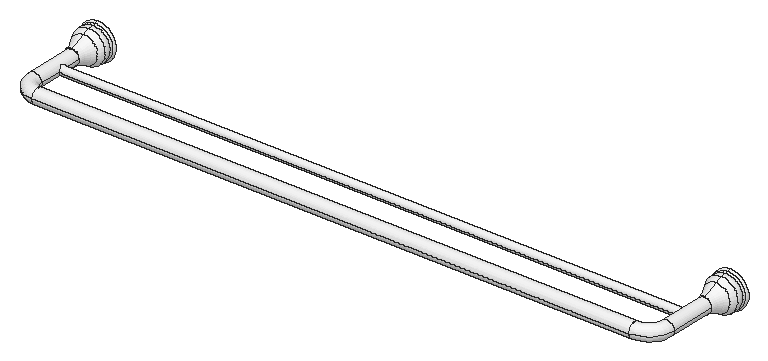
Revit family "Reece_Accessory_Milli_Monument Edit_Double Towel Rail", category Plumbing Fixtures, Revit 2018
Family settings
  Round Connector Dimension = Use Diameter
  Part Type = Normal
  Work Plane-Based = Yes
  Always vertical = Yes
  Cut with Voids When Loaded = Yes
  Shared = Yes
  Room Calculation Point = Yes
Parameters (values of type "900 mm_Chrome")
  URL = "https://www.reece.com.au/product/-2265325"
  Type Comments = "Accessory"
  Reece_Product_Web Page = "https://www.reece.com.au/product/-2265325"
  Reece_Product_Type = "Accessory"  # constant formula
  Reece_Product_Sub Brand = "Monument Edit"  # constant formula
  Reece_Product_Number = "2265325"
  Reece_Product_Mount = "Wall Mounted"
  Reece_Product_Description = "Milli Monument Edit Double Towel Rail 900mm Chrome"
  Reece_Product_Brand = "Milli"  # constant formula
  Reece_Overall_Width = 145 mm  # constant formula
  Reece_Overall_Length = 900 mm
  Reece_Overall_Height = 50 mm  # constant formula
  Reece_Material_Main = Reece_Brass_Chrome
  Reece_Height_From_Level [instance] = 1000 mm
  Reece_Detail_Installation = "Wall Mounted"  # constant formula
  Reece_Detail_Disclaimer = "THIS FILE IS THE PROPERTY OF THE REECE GROUP. IT MAY NOT BE REPRODUCED, REVERSE-ENGINEERED, OR MODIFIED. ANY REPUBLICATION, TRANSMISSION, OR DISTRIBUTION FOR THE PURPOSE OF COMMERCIALLY EXPLOITING THE FILES IS PROHIBITED."  # constant formula
  Reece_Detail_Additional = "Double Towel Rail"  # constant formula
  Model = "Monument Edit"
  Manufacturer = "Milli"
  Keynote = "Product #2265325, Reece_Accessory_Milli_Monument Edit_Double Towel Rail - 900 mm_Chrome"
  Disclaimer = "THIS FILE IS THE PROPERTY OF THE REECE GROUP. IT MAY NOT BE REPRODUCED, REVERSE-ENGINEERED, OR MODIFIED. ANY REPUBLICATION, TRANSMISSION, OR DISTRIBUTION FOR THE PURPOSE OF COMMERCIALLY EXPLOITING THE FILES IS PROHIBITED."  # constant formula
  Description = "Milli Monument Edit Double Towel Rail 900mm Chrome"
  Default Elevation = 0 mm
Types (10, lengths in mm): name | URL | Reece_Product_Web Page | Reece_Product_Number | Reece_Product_Description | Reece_Overall_Length | Reece_Material_Main | Keynote | Description
  750 mm_Chrome | "https://www.reece.com.au/product/-2265324" | "https://www.reece.com.au/product/-2265324" | "2265324" | "Milli Monument Edit Double Towel Rail 750mm Chrome" | 750 | Reece_Brass_Chrome | "Product #2265324, Reece_Accessory_Milli_Monument Edit_Double Towel Rail - 750 mm_Chrome" | "Milli Monument Edit Double Towel Rail 750mm Chrome"
  750 mm_Matte Black | "https://www.reece.com.au/product/-2265446" | "https://www.reece.com.au/product/-2265446" | "2265446" | "Milli Monument Edit Double Towel Rail 750mm Matte Black" | 750 | Reece_Brass_Matte Black | "Product #2265446, Reece_Accessory_Milli_Monument Edit_Double Towel Rail - 750 mm_Matte Black" | "Milli Monument Edit Double Towel Rail 750mm Matte Black"
  750 mm_Brushed Gunmetal | "https://www.reece.com.au/product/-2265568" | "https://www.reece.com.au/product/-2265568" | "2265568" | "Milli Monument Edit Double Towel Rail 750mm Brushed Gunmetal" | 750 | Reece_Brass_Brushed Gunmetal | "Product #2265568, Reece_Accessory_Milli_Monument Edit_Double Towel Rail - 750 mm_Brushed Gunmetal" | "Milli Monument Edit Double Towel Rail 750mm Brushed Gunmetal"
  750 mm_Brushed Nickel | "https://www.reece.com.au/product/-2265507" | "https://www.reece.com.au/product/-2265507" | "2265507" | "Milli Monument Edit Double Towel Rail 750mm Brushed Nickel" | 750 | Reece_Brass_Brushed Nickel | "Product #2265507, Reece_Accessory_Milli_Monument Edit_Double Towel Rail - 750 mm_Brushed Nickel" | "Milli Monument Edit Double Towel Rail 750mm Brushed Nickel"
  900 mm_Brushed Gunmetal | "https://www.reece.com.au/product/-2265569" | "https://www.reece.com.au/product/-2265569" | "2265569" | "Milli Monument Edit Double Towel Rail 900mm Brushed Gunmetal" | 900 | Reece_Brass_Brushed Gunmetal | "Product #2265569, Reece_Accessory_Milli_Monument Edit_Double Towel Rail - 900 mm_Brushed Gunmetal" | "Milli Monument Edit Double Towel Rail 900mm Brushed Gunmetal"
  900 mm_Brushed Nickel | "https://www.reece.com.au/product/-2265508" | "https://www.reece.com.au/product/-2265508" | "2265508" | "Milli Monument Edit Double Towel Rail 900mm Brushed Nickel" | 900 | Reece_Brass_Brushed Nickel | "Product #2265508, Reece_Accessory_Milli_Monument Edit_Double Towel Rail - 900 mm_Brushed Nickel" | "Milli Monument Edit Double Towel Rail 900mm Brushed Nickel"
  900 mm_Chrome | "https://www.reece.com.au/product/-2265325" | "https://www.reece.com.au/product/-2265325" | "2265325" | "Milli Monument Edit Double Towel Rail 900mm Chrome" | 900 | Reece_Brass_Chrome | "Product #2265325, Reece_Accessory_Milli_Monument Edit_Double Towel Rail - 900 mm_Chrome" | "Milli Monument Edit Double Towel Rail 900mm Chrome"
  900 mm_Matte Black | "https://www.reece.com.au/product/-2265447" | "https://www.reece.com.au/product/-2265447" | "2265447" | "Milli Monument Edit Double Towel Rail 900mm Matte Black" | 900 | Reece_Brass_Matte Black | "Product #2265447, Reece_Accessory_Milli_Monument Edit_Double Towel Rail - 900 mm_Matte Black" | "Milli Monument Edit Double Towel Rail 900mm Matte Black"
  750 mm_Brushed Gold | "https://www.reece.com.au/product/-2266257" | "https://www.reece.com.au/product/-2266257" | "2266257" | "Milli Monument Edit Double Towel Rail 750mm Brushed Gold" | 750 | Reece_Brass_Brushed Gold | "Product #2266257, Reece_Accessory_Milli_Monument Edit_Double Towel Rail - 750 mm_Brushed Gold" | "Milli Monument Edit Double Towel Rail 750mm Brushed Gold"
  900 mm_Brushed Gold | "https://www.reece.com.au/product/-2266258" | "https://www.reece.com.au/product/-2266258" | "2266258" | "Milli Monument Edit Double Towel Rail 900mm Brushed Gold" | 900 | Reece_Brass_Brushed Gold | "Product #2266258, Reece_Accessory_Milli_Monument Edit_Double Towel Rail - 900 mm_Brushed Gold" | "Milli Monument Edit Double Towel Rail 900mm Brushed Gold"
Reference planes
  plane 1 "Center (Front/Back)": y = 0
  plane 2 "Bottom Host Plane": z = -5
  plane 3 "Center (Left/Right)": x = 0
  plane 4 "Height From Floor": z = 1000
  plane 5 "Top": z = 1025.524
  plane 6 "Bottom": z = 975.524
  plane 7: x = 450
  plane 8: x = -450
  plane 9: x = -440
  plane 10: x = 440
  plane 11: y = -145
  plane 12: y = -80
Forms (mm)
  Revolve 1, solid, material "Reece_Brass_Chrome" <- "Reece_Material_Main"
    sketch origin (-440, 0, 769.968) x (0, 0, 1) y (0, -1, 0)
      loop
        line (230.032, 0) -> (230.032, 45.296) -> (219.354, 45.296)
        arc (219.354, 45.296) -> (216.516, 34.405) -> (211.275, 24.445) r 49.173
        arc (211.275, 24.445) -> (208.888, 20.265) -> (207.201, 15.757) r 30
        arc (207.201, 15.757) -> (206.754, 11.232) -> (207.926, 6.838) r 12.736
        spline (207.926, 6.838) -> (208.024, 6.615) -> (207.936, 6.366) -> (207.728, 6.092) -> (207.462, 5.792) -> (207.201, 5.466) -> (207.01, 5.113) -> (206.934, 4.737) -> (206.941, 4.356) -> (206.98, 3.994) -> (206.998, 3.672) -> (206.945, 3.415) -> (206.767, 3.244)
        arc (206.767, 3.244) -> (205.39, 1.898) -> (205.065, 0) r 3.12
        line (205.065, 0) -> (230.032, 0)
      axis (230.032, 45.296) -> (230.032, 0)
    angle from 0 to 360
  Revolve 2, solid, material "Reece_Brass_Chrome" <- "Reece_Material_Main"
    sketch origin (440, 0, 769.968) x (0, 0, 1) y (0, 1, 0)
      loop
        line (230.032, 0) -> (205.065, 0)
        arc (205.065, 0) -> (205.39, -1.898) -> (206.767, -3.244) r 3.12
        spline (206.767, -3.244) -> (206.945, -3.415) -> (206.998, -3.672) -> (206.98, -3.994) -> (206.941, -4.356) -> (206.934, -4.737) -> (207.01, -5.113) -> (207.201, -5.466) -> (207.462, -5.792) -> (207.728, -6.092) -> (207.936, -6.366) -> (208.024, -6.615) -> (207.926, -6.838)
        arc (207.926, -6.838) -> (206.754, -11.232) -> (207.201, -15.757) r 12.736
        arc (207.201, -15.757) -> (208.888, -20.265) -> (211.275, -24.445) r 30
        arc (211.275, -24.445) -> (216.516, -34.405) -> (219.354, -45.296) r 49.173
        line (219.354, -45.296) -> (230.032, -45.296) -> (230.032, 0)
      axis (230.032, -45.296) -> (230.032, 0)
    angle from 0 to 360
  Sweep 3, solid, material "Reece_Brass_Chrome" <- "Reece_Material_Main"
    path origin (0, 65, 1000) x (-1, 0, 0) y (0, -1, 0)
      loop
        line (440, 145) -> (-440, 145)
    profile origin (0, -80, 1000) x (0, 1, 0) y (0, 0, 1)
      loop
        circle (6, 0) r 6
  Sweep 4, solid, material "Reece_Brass_Chrome" <- "Reece_Material_Main"
    path origin (0, 0, 1000) x (-1, 0, 0) y (0, -1, 0)
      loop
        line (450, 45.296) -> (450, 110.5)
        arc (450, 110.5) -> (439.895, 134.895) -> (415.5, 145) r 34.5
        line (415.5, 145) -> (-415, 145)
        arc (-415, 145) -> (-439.749, 134.749) -> (-450, 110) r 35
        line (-450, 110) -> (-450, 45.296)
    profile origin (-450, -77.898, 1000) x (1, 0, 0) y (0, 0, 1)
      loop
        circle (10, 0) r 10
Cuts and joins
  joined: Revolve 1, Revolve 2, Sweep 3, Sweep 4
Lines and regions (mm)
  model lines, style "InvisibleLines"
    curve 1: line (0, 0, -5) -> (0, 0, 1000)
Text (mm)
  text "Reece ©" at (2668.853, -2395.367, 2952.593), in view "Reece Preview"
  text "Reece Copyright © 2018, Reece Ltd." at (-247.475, -190.626, 0), in view "Ref. Level"
Dimensions and locks
  plane 2 "Bottom Host Plane" to level = 5 mm
  locked: level to plane 2 "Bottom Host Plane" at 5
  "Reece_Height_From_Level": plane 4 "Height From Floor" to level
  "Reece_Overall_Height": plane 5 "Top" to plane 6 "Bottom"
  equal spacing: plane 8, plane 3 "Center (Left/Right)", plane 7
  "Reece_Overall_Length": plane 8 to plane 7
  locked: plane 5 "Top" to plane 4 "Height From Floor" at 25.524
  "Reece_Overall_Width": plane 11 to plane 1 "Center (Front/Back)"
  plane 12 to plane 1 "Center (Front/Back)" = 80 mm
  locked: plane 10 to plane 7 at 10
  locked: plane 8 to plane 9 at 10
  aligned and locked: plane 2 "Bottom Host Plane" to curve 1
  aligned and locked: plane 4 "Height From Floor" to curve 1
  aligned and locked: Sweep 3 sketch curve to plane 12
  aligned and locked: plane 9 to cut or joined group of Revolve 1, Revolve 2, Sweep 3, Sweep 4
  aligned and locked: plane 10 to cut or joined group of Revolve 1, Revolve 2, Sweep 3, Sweep 4
Automatic sketch dimensions
  curve 1 to plane 3 "Center (Left/Right)" = 0 mm
  Revolve 1 sketch curve to plane 1 "Center (Front/Back)" = 0 mm
  Revolve 1 sketch curve to plane 4 "Height From Floor" = 0 mm  (x2)
  Revolve 1 sketch curve to plane 4 "Height From Floor" = 10.584 mm
  Revolve 1 sketch curve to plane 4 "Height From Floor" = 10.678 mm
  plane 1 "Center (Front/Back)" to Revolve 1 sketch curve = 0.448 mm
  Revolve 1 sketch curve to plane 6 "Bottom" = 2.596 mm
  Revolve 1 sketch curve to plane 6 "Bottom" = 2.369 mm
  Revolve 1 sketch curve to plane 6 "Bottom" = 1.21 mm
  plane 6 "Bottom" to Revolve 1 sketch curve = 0.492 mm
  plane 6 "Bottom" to Revolve 1 sketch curve = 34.892 mm
  plane 4 "Height From Floor" to Revolve 1 sketch curve = 6.018 mm
  Revolve 1 sketch curve to Revolve 1 sketch curve = 3.594 mm
  plane 1 "Center (Front/Back)" to Revolve 1 sketch curve = 7.529 mm
  plane 1 "Center (Front/Back)" to Revolve 1 sketch curve = 12.264 mm
  Revolve 1 sketch curve to Revolve 1 sketch curve = 33.032 mm
  plane 12 to Revolve 1 sketch curve = 27.828 mm
  Revolve 1 sketch curve to plane 6 "Bottom" = 5.718 mm
  Revolve 1 sketch curve to Revolve 1 sketch curve = 0 mm  (x3)
  Revolve 1 sketch curve to plane 6 "Bottom" = 1.644 mm
  Revolve 1 sketch curve to Revolve 1 sketch curve = 1301.51 mm
  Revolve 1 sketch curve to plane 11 = 743.756 mm
  Revolve 2 sketch curve to plane 1 "Center (Front/Back)" = 0 mm
  Revolve 2 sketch curve to plane 4 "Height From Floor" = 0 mm  (x2)
  Revolve 2 sketch curve to plane 4 "Height From Floor" = 10.584 mm
  Revolve 2 sketch curve to plane 4 "Height From Floor" = 10.678 mm
  plane 1 "Center (Front/Back)" to Revolve 2 sketch curve = 0.448 mm
  Revolve 2 sketch curve to plane 6 "Bottom" = 2.596 mm
  Revolve 2 sketch curve to plane 6 "Bottom" = 2.369 mm
  Revolve 2 sketch curve to plane 6 "Bottom" = 1.21 mm
  plane 6 "Bottom" to Revolve 2 sketch curve = 0.492 mm
  plane 6 "Bottom" to Revolve 2 sketch curve = 34.892 mm
  plane 4 "Height From Floor" to Revolve 2 sketch curve = 6.018 mm
  Revolve 2 sketch curve to Revolve 2 sketch curve = 3.594 mm
  plane 1 "Center (Front/Back)" to Revolve 2 sketch curve = 7.529 mm
  plane 1 "Center (Front/Back)" to Revolve 2 sketch curve = 12.264 mm
  Revolve 2 sketch curve to Revolve 2 sketch curve = 33.032 mm
  plane 12 to Revolve 2 sketch curve = 27.828 mm
  Revolve 2 sketch curve to plane 6 "Bottom" = 5.718 mm
  Revolve 2 sketch curve to Revolve 2 sketch curve = 0 mm  (x3)
  Revolve 2 sketch curve to plane 6 "Bottom" = 1.644 mm
  Revolve 2 sketch curve to plane 11 = 743.756 mm
  Revolve 2 sketch curve to Revolve 2 sketch curve = 1301.51 mm
  Sweep 3 sketch curve to plane 4 "Height From Floor" = 0 mm
  Sweep 3 sketch curve to profile plane = 6 mm
  Sweep 4 sketch curve to profile plane = 0 mm
  Sweep 4 sketch curve to profile plane = 10 mm
  Sweep 4 sketch curve to plane 7 = 0 mm
  Sweep 4 sketch curve to plane 11 = 0 mm
  Sweep 4 sketch curve to plane 8 = 0 mm
  Sweep 4 sketch curve to plane 10 = 25 mm
  Sweep 4 sketch curve to plane 9 = 24.5 mm
  plane 12 to Sweep 4 sketch curve = 34.704 mm  (x2)
  Sweep 3 sketch curve to plane 10 = 0 mm
  Sweep 3 sketch curve to plane 9 = 0 mm
  radius of Sweep 3 sketch curve = 6 mm
  radius of Sweep 4 sketch curve = 10 mm
